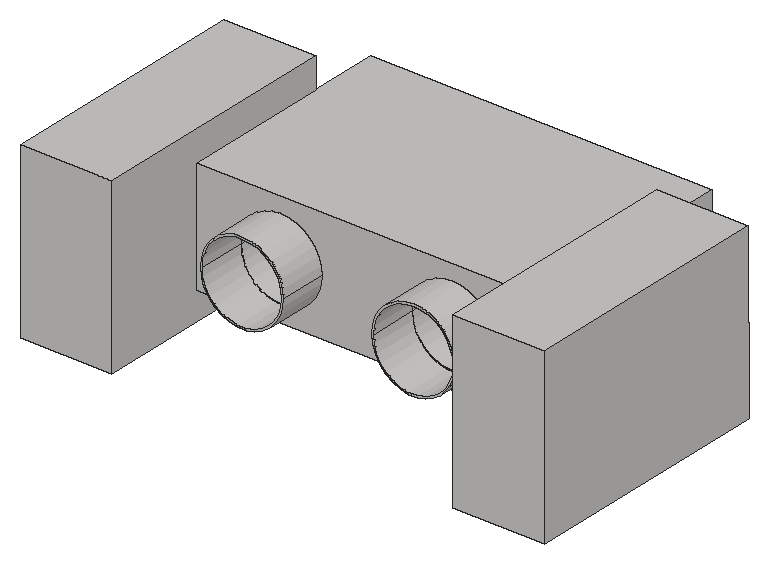
Revit family
Parameters
  Width = 2' - 0 1/8"
  Unit Weight = "38.0 lbs."
  URL = "http://www.titus-hvac.com/"
  UL = "181"
  SteriLoc Liner = Liner Option = 3  # no
  Outlet Width = Width  # 2' - 0 1/8"
  Outlet Height = Height  # 0' - 8"
  Nominal Width = Width + 1' 1"  # 3' - 1 1/8"
  Nominal Length = Length + Inlet Length  # 1' - 10 7/8"
  Nominal Inlet Size = 0' - 6"
  Nominal Height = 1' - 0 1/4"
  NFPA = "90A"
  Model = "DEDV"
  Min. Air Flow = 0 CFM
  Max. Air Flow = 500 CFM
  Material = Steel
  Manufacturer = "Titus"
  Length = 1' - 3 1/2"
  Inlet Void Radius = Inlet Radius - 0' 0 1/8"  # 0' - 2 13/16"
  Inlet Radius = Inlet Diameter / 2  # 0' - 2 15/16"
  Inlet Offset = 1' - 0 1/8"
  Inlet Length = 0' - 7 3/8"
  Inlet Diameter = Nominal Inlet Size - 0' 0 1/8"  # 0' - 5 7/8"
  Height = 0' - 8"
  Heat Air Pressure Drop [instance] = 0.00 in-wg
  Heat Air Flow [instance] = 0 CFM
  Fiber Free Liner = Liner Option = 2  # no
  Duct Radius = Nominal Inlet Size / 2  # 0' - 3"
  Design Air Flow [instance] = 0 CFM
  Description = "Dual Duct Terminal Unit, Direct Digital Control, Pressure Independent, without Integral Mixer/Attenuator"
  Liner Option = 0
  Cool Air Pressure Drop [instance] = 0.00 in-wg
  Cool Air Flow [instance] = 0 CFM
  Control Box Offset = 0' - 3 3/8"
  CADworks URL = "www.CADworks.net"
  Assembly Code = "D3040100"
  1/2" Fiberglass Liner = Liner Option = 0  # yes
  1" Fiberglass Liner = Liner Option = 1  # no
Reference planes (in)
  plane 1 "Center (Front/Back)": y = 0
  plane 2: z = 0
  plane 3 "Center (Left/Right)": x = 0
  plane 4: y = 7.75
  plane 5: y = -7.75
  plane 6: x = 12.0625
  plane 7: x = -12.0625
  plane 8: z = 4
  plane 9: z = -4
  plane 10: y = -15.125
  plane 11: x = -6.0625
  plane 12: x = 6.0625
  plane 13: y = -11.125
  plane 14: x = 18.5625
  plane 15: x = -18.5625
  plane 16: z = 6.125
  plane 17: z = -6.125
Forms (in)
  Extrusion 1, solid, material "Steel" <- "Material"
    sketch origin (33, 0, -4) x (1, 0, 0) y (0, 1, 0)
      loop
        line (-45.0625, 7.75) -> (-45.0625, -7.75) -> (-20.9375, -7.75) -> (-20.9375, 7.75) -> (-45.0625, 7.75)
    from 0 to 8
  Extrusion 2, solid, material "Steel" <- "Material"
    sketch origin (4.46221, 44.62435, -28.76939) x (1, 0, 0) y (0, 0, 1)
      loop
        line (7.60029, 34.89439) -> (7.60029, 22.64439) -> (14.10029, 22.64439) -> (14.10029, 34.89439) -> (7.60029, 34.89439)
    from 41.74935 to 59.74935
  Extrusion 3, solid, material "Steel" <- "Material"
    sketch origin (13.94938, 6.875, -28.76939) x (-1, 0, 0) y (0, 0, -1)
      loop
        line (26.01188, -34.89439) -> (32.51188, -34.89439) -> (32.51188, -22.64439) -> (26.01188, -22.64439) -> (26.01188, -34.89439)
    from 4 to 22
  Extrusion 4, solid, material "Steel" <- "Material"
    sketch origin (11, -16.75, 0) x (1, 0, 0) y (0, 0, 1)
      loop
        circle (-17.0625, 0) r 2.9375
    from -9 to -5.625
  Extrusion 5, solid, material "Steel" <- "Material"
    sketch origin (11.125, -7.75, 0) x (1, 0, 0) y (0, 0, 1)
      loop
        circle (-5.0625, 0) r 2.9375
    from 0 to 3.375
  Extrusion 6, void
    sketch origin (0, 0, 0) x (1, 0, 0) y (0, 0, 1)
      loop
        circle (-6.0625, 0) r 2.8125
    from 1.125 to 11.125
  Extrusion 7, void
    sketch origin (0, 0, 0) x (1, 0, 0) y (0, 0, 1)
      loop
        circle (6.0625, 0) r 2.8125
    from 1.125 to 11.125
Cuts and joins
  Extrusion 6, Extrusion 7 cuts Extrusion 1
  Extrusion 6 cuts Extrusion 4
  Extrusion 7 cuts Extrusion 5
Dimensions and locks (in)
  "Height": plane 8 to plane 9
  equal spacing: plane 8, plane 2, plane 9
  "Width": plane 7 to plane 6
  equal spacing: plane 7, plane 3 "Center (Left/Right)", plane 6
  "Length": plane 4 to plane 5
  equal spacing: plane 4, plane 1 "Center (Front/Back)", plane 5
  locked: Extrusion 2 to Extrusion 2 at 18
  locked: Extrusion 2 sketch curve to Extrusion 2 sketch curve at 6.5
  locked: Extrusion 2 sketch curve to Extrusion 2 sketch curve at 12.25
  equal spacing: Extrusion 2 sketch curve, plane 2, Extrusion 2 sketch curve
  locked: Extrusion 3 to Extrusion 3 at 18
  locked: Extrusion 3 sketch curve to Extrusion 3 sketch curve at 6.5
  locked: Extrusion 3 sketch curve to Extrusion 3 sketch curve at 12.25
  equal spacing: Extrusion 3 sketch curve, plane 2, Extrusion 3 sketch curve
  "Inlet Length": plane 5 to plane 10
  "Inlet Offset": plane 12 to plane 11
  equal spacing: plane 12, plane 3 "Center (Left/Right)", plane 11
  "Control Box Offset": plane 5 to plane 13
  "Inlet Radius": plane 11 to cut or joined group of Extrusion 4, Extrusion 6
  "Inlet Radius": plane 12 to cut or joined group of Extrusion 5, Extrusion 7
  "Inlet Radius": radius of Extrusion 4 sketch curve
  "Inlet Radius": radius of Extrusion 5 sketch curve
  "Inlet Void Radius": radius of Extrusion 6 sketch curve
  "Inlet Void Radius": radius of Extrusion 7 sketch curve
  aligned and locked: plane 4 to Extrusion 1
  aligned and locked: plane 7 to Extrusion 1
  aligned and locked: plane 5 to Extrusion 1
  aligned and locked: plane 6 to Extrusion 1
  aligned and locked: plane 8 to Extrusion 1
  aligned and locked: plane 9 to Extrusion 1
  aligned and locked: plane 10 to Extrusion 2
  aligned and locked: plane 10 to Extrusion 3
  aligned and locked: plane 13 to Extrusion 4
  aligned and locked: plane 5 to Extrusion 4
  aligned and locked: plane 13 to Extrusion 5
  aligned and locked: plane 5 to Extrusion 5
  aligned and locked: Extrusion 6 to plane 13
  aligned and locked: plane 13 to cut or joined group of Extrusion 4, Extrusion 6
  aligned and locked: plane 13 to cut or joined group of Extrusion 5, Extrusion 7  (x2)
  aligned and locked: Extrusion 7 to plane 13
  aligned and locked: Extrusion 2 to cut or joined group of Extrusion 1, Extrusion 6, Extrusion 7
  aligned and locked: plane 6 to cut or joined group of Extrusion 1, Extrusion 6, Extrusion 7
  aligned and locked: Extrusion 3 to cut or joined group of Extrusion 1, Extrusion 6, Extrusion 7
  aligned and locked: cut or joined group of Extrusion 1, Extrusion 6, Extrusion 7 to plane 7
Automatic sketch dimensions
  Extrusion 1 sketch curve to plane 5 = 0' - 0"
  plane 7 to Extrusion 1 sketch curve = 0' - 0"
  plane 6 to Extrusion 1 sketch curve = 0' - 0"
  Extrusion 1 sketch curve to plane 4 = 0' - 0"
  plane 6 to Extrusion 2 sketch curve = 0' - 0"
  Extrusion 3 sketch curve to plane 7 = 0' - 0"
  Extrusion 4 sketch curve to level = 0' - 0"
  Extrusion 4 sketch curve to plane 11 = 0' - 0"
  Extrusion 5 sketch curve to level = 0' - 0"
  Extrusion 5 sketch curve to plane 12 = 0' - 0"
  Extrusion 6 sketch curve to level = 0' - 0"
  Extrusion 6 sketch curve to plane 11 = 0' - 0"
  Extrusion 7 sketch curve to level = 0' - 0"
  Extrusion 7 sketch curve to plane 12 = 0' - 0"
Connectors (in)
  hvac at (-6.0625, -11.125, 0), driven by "Duct Radius", driven by "Heat Air Pressure Drop", driven by "Heat Air Flow"
    settings: on cut or joined group of Extrusion 4, Extrusion 6, index 1
  hvac at (6.0625, -11.125, 0), driven by "Duct Radius", driven by "Cool Air Pressure Drop", driven by "Cool Air Flow"
    settings: on cut or joined group of Extrusion 5, Extrusion 7, index 2
  hvac at (0, 7.75, 0), driven by "Outlet Height", driven by "Outlet Width", driven by "Design Air Flow"
    settings: on cut or joined group of Extrusion 1, Extrusion 6, Extrusion 7, index 3
